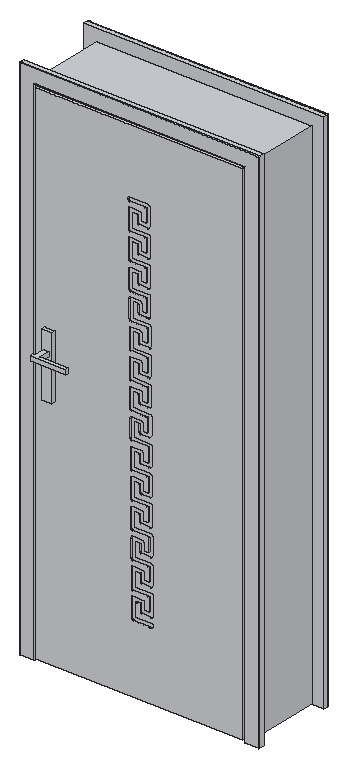
Revit family "PortaFOCUSbp_1E", category Drzwi, Revit 2016
Family settings
  Obiekt nadrzędny = Ściana
  Zawsze pionowo = Tak
  Tnij formami wycięć po wczytaniu = Nie
  Współdzielony = Nie
  Punkt obliczania pomieszczeń = Nie
Parameters (values of type "PN 80")
  Zakres szerokości muru [instance] = if(and(Szerokość ściany > 94 mm, Szerokość ściany < 120 mm), "B", (if(and(Szerokość ściany > 119 mm, Szerokość ściany < 140 mm), "C", (if(and(Szerokość ściany > 139 mm, Szerokość ściany < 160 mm), "D", (if(and(Szerokość ściany > 159 mm, Szerokość ściany < 180 mm), "E", (if(and(Szerokość ściany > 179 mm, Szerokość ściany < 200 mm), "F", (if(and(Szerokość ściany > 199 mm, Szerokość ściany < 220 mm), "G", (if(and(Szerokość ściany > 219 mm, Szerokość ściany < 240 mm), "H", (if(and(Szerokość ściany > 239 mm, Szerokość ściany < 260 mm), "I", (if(and(Szerokość ściany > 259 mm, Szerokość ściany < 280 mm), "J", (if(and(Szerokość ściany > 279 mm, Szerokość ściany < 301 mm), "K", "BRAK")))))))))))))))))))  # "K"
  Wysokość brutto = 2060 mm
  Szerokość ściany [instance] = 300 mm
  Szerokość brutto = 880 mm
  Model = "Porta Focus 1E"
  Konstrukcja analityczna = "<Brak>"
  Funkcja = Wewnętrzna
  URL = "www.porta.com.pl"
  Ss = 818 mm
  Sb = 846 mm
  Producent = "PORTA KMI POLAND"
  Keynote = ""
  Opis = "Własność Porta KMI Poland, wszelkie prawa zastrzeżone."  # constant formula
  Wysokość = 2016 mm
  Zakończenie ściany = Wg obiektu nadrzędnego
  Szerokość = 800 mm
  Materiał_skrzydło [instance] = none
  Materiał_ościeżnica [instance] = none
  Materiał_klamka [instance] = none
  Hs = 2017 mm
Types (5, lengths in mm): name | Szerokość brutto | Ss | Sb | Szerokość
  PN 70 | 780 | 718 | 746 | 700
  PN 60 | 680 | 618 | 646 | 600
  PN 80 | 880 | 818 | 846 | 800
  PN 90 | 980 | 918 | 946 | 900
  PN 100 | 1080 | 1018 | 1046 | 1000
Reference planes
  plane 1: y = 0
  plane 2 "Środek (Lewa/Prawa)": x = 0
  plane 3 "Lewy": x = -440
  plane 4 "Prawy": x = 440
  plane 5: z = 2060
  plane 6 "Zewnętrzna": y = 150
  plane 7 "Wewnętrzna": y = -150
  plane 8 "skrzydło": y = -129
Forms (mm)
  Sweep 1, solid, material <- "Materiał_ościeżnica"
    path in 3D
      loop
        line (-440, -150, 0) -> (-440, -150, 2060) -> (440, -150, 2060) -> (440, -150, 0)
    profile origin (-440, -150, 1030) x (0, -1, 0) y (1, 0, 0)
      loop
        line (-24, 39) -> (-72, 39) -> (-72, 17) -> (0, 17) -> (0, -33) -> (16, -33)
        arc (16, -33) -> (18.121, -32.121) -> (19, -30) r 3
        line (19, -30) -> (19, 24)
        arc (19, 24) -> (18.121, 26.121) -> (16, 27) r 3
        line (16, 27) -> (-24, 27) -> (-24, 39)
  Sweep 2, solid, material <- "Materiał_ościeżnica"
    path in 3D
      loop
        line (440, 150, 0) -> (440, 150, 2060) -> (-440, 150, 2060) -> (-440, 150, 0)
    profile origin (-440, 150, 1030) x (1, 0, 0) y (0, 1, 0)
      loop
        line (-33, 0) -> (17, 0) -> (17, -228) -> (39, -228) -> (39, -1)
        arc (39, -1) -> (37.536, 2.536) -> (34, 4) r 5
        line (34, 4) -> (25, 4) -> (25, 16)
        arc (25, 16) -> (24.121, 18.121) -> (22, 19) r 3
        line (22, 19) -> (-30, 19)
        arc (-30, 19) -> (-32.121, 18.121) -> (-33, 16) r 3
        line (-33, 16) -> (-33, 0)
  Sweep 3, solid, not visible
    path in 3D
      loop
        line (-440, -150, 0) -> (-440, -150, 2060)
    profile origin (-440, -150, 1030) x (0, -1, 0) y (1, 0, 0)
      loop
        line (-151, 17) -> (-149, 17) -> (-149, 19) -> (-151, 19) -> (-151, 17)
Cuts and joins
  joined: Sweep 1, Sweep 2
Lines and regions (mm)
  Opening 1
    outline origin (-3050, -150, 0) x (1, 0, 0) y (0, 0, 1)
      loop
        line (2610, 0) -> (3490, 0) -> (3490, 2060) -> (2610, 2060) -> (2610, 0)
  sketch lines
    curve 1: line (-440, -150, 0) -> (-440, -150, 2060)
    curve 2: line (-440, -150, 2060) -> (440, -150, 2060)
    curve 3: line (440, -150, 2060) -> (440, -150, 0)
    curve 4: line (-440, 150, 2060) -> (-440, 150, 0)
    curve 5: line (440, 150, 2060) -> (-440, 150, 2060)
    curve 6: line (440, 150, 0) -> (440, 150, 2060)
    curve 12: line (-440, -150, 0) -> (-440, -150, 2060)
  symbolic lines, style "DoorsPanelProjection"
    curve 7: line (409, -150, 0) -> (409, -968, 0)
    curve 8: line (409, -968, 0) -> (369, -968, 0)
    curve 9: line (369, -968, 0) -> (369, -150, 0)
    curve 10: line (369, -150, 0) -> (409, -150, 0)
  symbolic lines, style "Ugięcie rzutu"
    curve 11: arc (-409, -150, 0) -> (-169.413, -728.413, 0) -> (409, -968, 0) r 818
Text (mm)
  text "Zewnętrzna" at (-2295.016, 1099.543, 0), in view "Poziom odniesienia"
  text "Zewnętrzna" at (0, 1615.38, 3698.081), in view "Lewy"
  text "Zewnętrzna" at (0, 1036.032, 3874.932), in view "Prawy"
Dimensions and locks
  equal spacing: plane 3 "Lewy", plane 2 "Środek (Lewa/Prawa)", plane 4 "Prawy"
  "Szerokość brutto": plane 3 "Lewy" to plane 4 "Prawy"
  "Wysokość brutto": plane 5 to host wall
  host wall to plane 5 = 2060 mm  (x2)
  locked: plane 6 "Zewnętrzna" to host wall at 0
  locked: plane 7 "Wewnętrzna" to host wall
  "Sb": Sweep 1 to Sweep 1
  locked: Sweep 1 sketch curve to Sweep 1 sketch curve at 22
  Sweep 1 sketch curve to Sweep 1 sketch curve = 50 mm
  locked: Sweep 1 sketch curve to profile plane at 72
  locked: Sweep 2 sketch curve to Sweep 2 sketch curve at 50
  locked: Sweep 2 sketch curve to Sweep 2 sketch curve at 22
  locked: Sweep 2 sketch curve to plane 6 "Zewnętrzna" at 1
  locked: curve 9 to curve 7 at 40
  "Ss": curve 8 to curve 10
  equal spacing: curve 11, plane 2 "Środek (Lewa/Prawa)", curve 7
  locked: plane 7 "Wewnętrzna" to plane 8 "skrzydło" at 21
  locked: host wall to Sweep 3 sketch curve at 1
  locked: Sweep 3 sketch curve to host wall at 1
  locked: Sweep 3 sketch curve to plane 6 "Zewnętrzna" at 151
  locked: plane 7 "Wewnętrzna" to Sweep 3 sketch curve at 151
  nested 1 to plane 2 "Środek (Lewa/Prawa)" to nested 1 = 409 mm, 409 mm
  locked: nested 1 to level at 8
  "Szerokość ściany": host wall to host wall
  aligned and locked: plane 3 "Lewy" to Opening 1 sketch curve
  aligned and locked: plane 5 to Opening 1 sketch curve  (x2)
  aligned and locked: Opening 1 sketch curve to plane 4 "Prawy"
  aligned and locked: Opening 1 sketch curve to level
  aligned and locked: plane 1 to host wall
  aligned and locked: Sweep 1 to Sweep 2 sketch curve
  aligned and locked: plane 7 "Wewnętrzna" to curve 10
  aligned and locked: Sweep 3 sketch curve to cut or joined group of Sweep 1, Sweep 2
  aligned and locked: Sweep 2 sketch curve to cut or joined group of Sweep 1, Sweep 2
  aligned and locked: nested 1 to plane 8 "skrzydło"
  aligned and locked: plane 2 "Środek (Lewa/Prawa)" to nested 1
Automatic sketch dimensions
  profile plane to Sweep 1 sketch curve = 24 mm
  Sweep 1 sketch curve to profile plane = 16 mm  (x2)
  Sweep 1 sketch curve to Sweep 1 sketch curve = 3 mm
  profile plane to Sweep 1 sketch curve = 17 mm
  Sweep 1 sketch curve to Sweep 1 sketch curve = 7 mm
  Sweep 1 sketch curve to profile plane = 0 mm
  Sweep 2 sketch curve to profile plane = 0 mm
  Sweep 2 sketch curve to profile plane = 16 mm
  Sweep 2 sketch curve to Sweep 2 sketch curve = 3 mm
  Sweep 2 sketch curve to Sweep 2 sketch curve = 5 mm
  Sweep 2 sketch curve to profile plane = 4 mm
  Sweep 2 sketch curve to Sweep 2 sketch curve = 8 mm
  curve 11 to host wall = 0 mm
  Sweep 3 sketch curve to Sweep 3 sketch curve = 2 mm
Nested families
  nested 1: "skrzydło" at (0, -135.5, 0), Materiał_klamka <- "Materiał_klamka", Materiał_skrzydło <- "Materiał_skrzydło", type "skrzydło"
    with Materiał_skrzydło none, Materiał_klamka none
Definition of nested family "skrzydło"
  Parameters
    Ss = 818 mm
    Materiał_skrzydło [instance] = none
    Materiał_klamka [instance] = none
    Hs = 2017 mm
  Reference planes
    plane 1 "Tył": y = 6.5
    plane 2: z = 0
    plane 3 "Środek (Lewa/Prawa)": x = 0
    plane 4 "Przód": y = -33.5
    plane 5: z = 2025
    plane 6 "Centrum": y = -13.5
    plane 7: z = 8
    plane 8: x = -409
    plane 9: x = 409
  Forms (mm)
    Extrusion 1, solid, material <- "Materiał_skrzydło"
      sketch origin (-1191.728, -1524, 8) x (-1, 0, 0) y (0, -1, 0)
        loop
          line (-1600.728, -1490.5) -> (-1600.728, -1530.5) -> (-782.728, -1530.5) -> (-782.728, -1490.5) -> (-1600.728, -1490.5)
      from 0 to 2017
    Extrusion 2, void
      sketch origin (-2050.117, -33.5, 1200) x (1, 0, 0) y (0, 0, 1)
        loop
          arc (2014.002, 569.715) -> (2005.702, 561.415) -> (2014.002, 553.115) r 8.3
          line (2014.002, 553.115) -> (2076.933, 553.115) -> (2076.933, 499.485) -> (2058.417, 499.485) -> (2058.417, 526.3)
          arc (2058.417, 526.3) -> (2055.986, 532.169) -> (2050.117, 534.6) r 8.3
          line (2050.117, 534.6) -> (2015.002, 534.6)
          arc (2015.002, 534.6) -> (2009.133, 532.169) -> (2006.702, 526.3) r 8.3
          line (2006.702, 526.3) -> (2006.702, 456.07)
          arc (2006.702, 456.07) -> (2009.133, 450.201) -> (2015.002, 447.77) r 8.3
          line (2015.002, 447.77) -> (2077.932, 447.77) -> (2077.932, 394.139) -> (2059.417, 394.139) -> (2059.417, 420.954)
          arc (2059.417, 420.954) -> (2056.986, 426.823) -> (2051.117, 429.254) r 8.3
          line (2051.117, 429.254) -> (2016.002, 429.254)
          arc (2016.002, 429.254) -> (2010.133, 426.823) -> (2007.702, 420.954) r 8.3
          line (2007.702, 420.954) -> (2007.702, 350.724)
          arc (2007.702, 350.724) -> (2010.133, 344.855) -> (2016.002, 342.424) r 8.3
          line (2016.002, 342.424) -> (2078.932, 342.424) -> (2078.932, 288.793) -> (2060.416, 288.793) -> (2060.416, 315.608)
          arc (2060.416, 315.608) -> (2057.985, 321.477) -> (2052.116, 323.908) r 8.3
          line (2052.116, 323.908) -> (2017.002, 323.908)
          arc (2017.002, 323.908) -> (2011.133, 321.477) -> (2008.702, 315.608) r 8.3
          line (2008.702, 315.608) -> (2008.702, 245.378)
          arc (2008.702, 245.378) -> (2011.133, 239.509) -> (2017.002, 237.078) r 8.3
          line (2017.002, 237.078) -> (2079.932, 237.078) -> (2079.932, 183.448) -> (2061.416, 183.448) -> (2061.416, 210.263)
          arc (2061.416, 210.263) -> (2058.985, 216.132) -> (2053.116, 218.563) r 8.3
          line (2053.116, 218.563) -> (2018.001, 218.563)
          arc (2018.001, 218.563) -> (2012.133, 216.132) -> (2009.701, 210.263) r 8.3
          line (2009.701, 210.263) -> (2009.701, 140.033)
          arc (2009.701, 140.033) -> (2012.133, 134.164) -> (2018.001, 131.733) r 8.3
          line (2018.001, 131.733) -> (2080.932, 131.733) -> (2080.932, 78.102) -> (2062.416, 78.102) -> (2062.416, 104.917)
          arc (2062.416, 104.917) -> (2059.985, 110.786) -> (2054.116, 113.217) r 8.3
          line (2054.116, 113.217) -> (2019.001, 113.217)
          arc (2019.001, 113.217) -> (2013.132, 110.786) -> (2010.701, 104.917) r 8.3
          line (2010.701, 104.917) -> (2010.701, 34.687)
          arc (2010.701, 34.687) -> (2013.132, 28.818) -> (2019.001, 26.387) r 8.3
          line (2019.001, 26.387) -> (2081.931, 26.387) -> (2081.931, -27.244) -> (2063.416, -27.244) -> (2063.416, -0.429)
          arc (2063.416, -0.429) -> (2060.985, 5.44) -> (2055.116, 7.871) r 8.3
          line (2055.116, 7.871) -> (2020.001, 7.871)
          arc (2020.001, 7.871) -> (2014.132, 5.44) -> (2011.701, -0.429) r 8.3
          line (2011.701, -0.429) -> (2011.701, -70.659)
          arc (2011.701, -70.659) -> (2014.132, -76.528) -> (2020.001, -78.959) r 8.3
          line (2020.001, -78.959) -> (2082.931, -78.959) -> (2082.931, -132.59) -> (2064.416, -132.59) -> (2064.416, -105.774)
          arc (2064.416, -105.774) -> (2061.985, -99.905) -> (2056.116, -97.474) r 8.3
          line (2056.116, -97.474) -> (2021.001, -97.474)
          arc (2021.001, -97.474) -> (2015.132, -99.905) -> (2012.701, -105.774) r 8.3
          line (2012.701, -105.774) -> (2012.701, -176.004)
          arc (2012.701, -176.004) -> (2015.132, -181.873) -> (2021.001, -184.304) r 8.3
          line (2021.001, -184.304) -> (2083.931, -184.304) -> (2083.931, -237.935) -> (2065.415, -237.935) -> (2065.415, -211.12)
          arc (2065.415, -211.12) -> (2062.984, -205.251) -> (2057.115, -202.82) r 8.3
          line (2057.115, -202.82) -> (2022.001, -202.82)
          arc (2022.001, -202.82) -> (2016.132, -205.251) -> (2013.701, -211.12) r 8.3
          line (2013.701, -211.12) -> (2013.701, -281.35)
          arc (2013.701, -281.35) -> (2016.132, -287.219) -> (2022.001, -289.65) r 8.3
          line (2022.001, -289.65) -> (2084.931, -289.65) -> (2084.931, -343.281) -> (2066.415, -343.281) -> (2066.415, -316.466)
          arc (2066.415, -316.466) -> (2063.984, -310.597) -> (2058.115, -308.166) r 8.3
          line (2058.115, -308.166) -> (2023, -308.166)
          arc (2023, -308.166) -> (2017.131, -310.597) -> (2014.7, -316.466) r 8.3
          line (2014.7, -316.466) -> (2014.7, -386.696)
          arc (2014.7, -386.696) -> (2017.131, -392.565) -> (2023, -394.996) r 8.3
          line (2023, -394.996) -> (2085.931, -394.996) -> (2085.931, -448.627) -> (2067.415, -448.627) -> (2067.415, -421.811)
          arc (2067.415, -421.811) -> (2064.984, -415.942) -> (2059.115, -413.511) r 8.3
          line (2059.115, -413.511) -> (2024, -413.511)
          arc (2024, -413.511) -> (2018.131, -415.942) -> (2015.7, -421.811) r 8.3
          line (2015.7, -421.811) -> (2015.7, -492.041)
          arc (2015.7, -492.041) -> (2018.131, -497.91) -> (2024, -500.341) r 8.3
          line (2024, -500.341) -> (2086.93, -500.341) -> (2086.93, -553.972) -> (2068.415, -553.972) -> (2068.415, -527.157)
          arc (2068.415, -527.157) -> (2065.984, -521.288) -> (2060.115, -518.857) r 8.3
          line (2060.115, -518.857) -> (2025, -518.857)
          arc (2025, -518.857) -> (2019.131, -521.288) -> (2016.7, -527.157) r 8.3
          line (2016.7, -527.157) -> (2016.7, -597.387)
          arc (2016.7, -597.387) -> (2019.131, -603.256) -> (2025, -605.687) r 8.3
          line (2025, -605.687) -> (2087.93, -605.687) -> (2087.93, -659.318) -> (2069.414, -659.318) -> (2069.414, -632.503)
          arc (2069.414, -632.503) -> (2066.983, -626.634) -> (2061.114, -624.203) r 8.3
          line (2061.114, -624.203) -> (2026, -624.203)
          arc (2026, -624.203) -> (2020.131, -626.634) -> (2017.7, -632.503) r 8.3
          line (2017.7, -632.503) -> (2017.7, -702.733)
          arc (2017.7, -702.733) -> (2020.131, -708.602) -> (2026, -711.033) r 8.3
          line (2026, -711.033) -> (2088.93, -711.033) -> (2088.93, -764.664) -> (2070.414, -764.664) -> (2070.414, -737.848)
          arc (2070.414, -737.848) -> (2067.983, -731.979) -> (2062.114, -729.548) r 8.3
          line (2062.114, -729.548) -> (2026.999, -729.548)
          arc (2026.999, -729.548) -> (2021.13, -731.979) -> (2018.699, -737.848) r 8.3
          line (2018.699, -737.848) -> (2018.699, -808.078)
          arc (2018.699, -808.078) -> (2021.13, -813.947) -> (2026.999, -816.378) r 8.3
          line (2026.999, -816.378) -> (2089.93, -816.378) -> (2089.93, -870.009) -> (2071.414, -870.009) -> (2071.414, -843.194)
          arc (2071.414, -843.194) -> (2068.983, -837.325) -> (2063.114, -834.894) r 8.3
          line (2063.114, -834.894) -> (2027.999, -834.894)
          arc (2027.999, -834.894) -> (2022.13, -837.325) -> (2019.699, -843.194) r 8.3
          line (2019.699, -843.194) -> (2019.699, -913.424)
          arc (2019.699, -913.424) -> (2022.13, -919.293) -> (2027.999, -921.724) r 8.3
          line (2027.999, -921.724) -> (2098.229, -921.724)
          arc (2098.229, -921.724) -> (2106.529, -913.424) -> (2098.229, -905.124) r 8.3
          line (2098.229, -905.124) -> (2036.299, -905.125) -> (2036.299, -851.494) -> (2054.814, -851.494) -> (2054.814, -878.309)
          arc (2054.814, -878.309) -> (2057.245, -884.178) -> (2063.114, -886.609) r 8.3
          line (2063.114, -886.609) -> (2098.229, -886.609)
          arc (2098.229, -886.609) -> (2104.098, -884.178) -> (2106.529, -878.309) r 8.3
          line (2106.529, -878.309) -> (2106.529, -808.079)
          arc (2106.529, -808.079) -> (2104.098, -802.21) -> (2098.229, -799.779) r 8.3
          line (2098.229, -799.779) -> (2035.299, -799.779) -> (2035.299, -746.148) -> (2053.815, -746.148) -> (2053.815, -772.963)
          arc (2053.815, -772.963) -> (2056.246, -778.832) -> (2062.115, -781.263) r 8.3
          line (2062.115, -781.263) -> (2097.229, -781.263)
          arc (2097.229, -781.263) -> (2103.098, -778.832) -> (2105.529, -772.963) r 8.3
          line (2105.529, -772.963) -> (2105.529, -702.733)
          arc (2105.529, -702.733) -> (2103.098, -696.864) -> (2097.229, -694.433) r 8.3
          line (2097.229, -694.433) -> (2034.299, -694.433) -> (2034.299, -640.802) -> (2052.815, -640.802) -> (2052.815, -667.617)
          arc (2052.815, -667.617) -> (2055.246, -673.486) -> (2061.115, -675.917) r 8.3
          line (2061.115, -675.917) -> (2096.23, -675.917)
          arc (2096.23, -675.917) -> (2102.099, -673.486) -> (2104.53, -667.617) r 8.3
          line (2104.53, -667.617) -> (2104.53, -597.387)
          arc (2104.53, -597.387) -> (2102.099, -591.518) -> (2096.23, -589.087) r 8.3
          line (2096.23, -589.087) -> (2033.299, -589.087) -> (2033.299, -535.457) -> (2051.815, -535.457) -> (2051.815, -562.272)
          arc (2051.815, -562.272) -> (2054.246, -568.141) -> (2060.115, -570.572) r 8.3
          line (2060.115, -570.572) -> (2095.23, -570.572)
          arc (2095.23, -570.572) -> (2101.099, -568.141) -> (2103.53, -562.272) r 8.3
          line (2103.53, -562.272) -> (2103.53, -492.042)
          arc (2103.53, -492.042) -> (2101.099, -486.173) -> (2095.23, -483.742) r 8.3
          line (2095.23, -483.742) -> (2032.3, -483.742) -> (2032.3, -430.111) -> (2050.815, -430.111) -> (2050.815, -456.926)
          arc (2050.815, -456.926) -> (2053.246, -462.795) -> (2059.115, -465.226) r 8.3
          line (2059.115, -465.226) -> (2094.23, -465.226)
          arc (2094.23, -465.226) -> (2100.099, -462.795) -> (2102.53, -456.926) r 8.3
          line (2102.53, -456.926) -> (2102.53, -386.696)
          arc (2102.53, -386.696) -> (2100.099, -380.827) -> (2094.23, -378.396) r 8.3
          line (2094.23, -378.396) -> (2031.3, -378.396) -> (2031.3, -324.765) -> (2049.816, -324.765) -> (2049.816, -351.58)
          arc (2049.816, -351.58) -> (2052.247, -357.449) -> (2058.116, -359.88) r 8.3
          line (2058.116, -359.88) -> (2093.23, -359.88)
          arc (2093.23, -359.88) -> (2099.099, -357.449) -> (2101.53, -351.58) r 8.3
          line (2101.53, -351.58) -> (2101.53, -281.35)
          arc (2101.53, -281.35) -> (2099.099, -275.481) -> (2093.23, -273.05) r 8.3
          line (2093.23, -273.05) -> (2030.3, -273.05) -> (2030.3, -219.42) -> (2048.816, -219.42) -> (2048.816, -246.235)
          arc (2048.816, -246.235) -> (2051.247, -252.104) -> (2057.116, -254.535) r 8.3
          line (2057.116, -254.535) -> (2092.231, -254.535)
          arc (2092.231, -254.535) -> (2098.1, -252.104) -> (2100.531, -246.235) r 8.3
          line (2100.531, -246.235) -> (2100.531, -176.005)
          arc (2100.531, -176.005) -> (2098.1, -170.136) -> (2092.231, -167.705) r 8.3
          line (2092.231, -167.705) -> (2029.3, -167.705) -> (2029.3, -114.074) -> (2047.816, -114.074) -> (2047.816, -140.889)
          arc (2047.816, -140.889) -> (2050.247, -146.758) -> (2056.116, -149.189) r 8.3
          line (2056.116, -149.189) -> (2091.231, -149.189)
          arc (2091.231, -149.189) -> (2097.1, -146.758) -> (2099.531, -140.889) r 8.3
          line (2099.531, -140.889) -> (2099.531, -70.659)
          arc (2099.531, -70.659) -> (2097.1, -64.79) -> (2091.231, -62.359) r 8.3
          line (2091.231, -62.359) -> (2028.301, -62.359) -> (2028.301, -8.728) -> (2046.816, -8.728) -> (2046.816, -35.543)
          arc (2046.816, -35.543) -> (2049.247, -41.412) -> (2055.116, -43.843) r 8.3
          line (2055.116, -43.843) -> (2090.231, -43.843)
          arc (2090.231, -43.843) -> (2096.1, -41.412) -> (2098.531, -35.543) r 8.3
          line (2098.531, -35.543) -> (2098.531, 34.687)
          arc (2098.531, 34.687) -> (2096.1, 40.556) -> (2090.231, 42.987) r 8.3
          line (2090.231, 42.987) -> (2027.301, 42.987) -> (2027.301, 96.618) -> (2045.816, 96.618) -> (2045.816, 69.802)
          arc (2045.816, 69.802) -> (2048.248, 63.933) -> (2054.116, 61.502) r 8.3
          line (2054.116, 61.502) -> (2089.231, 61.502)
          arc (2089.231, 61.502) -> (2095.1, 63.933) -> (2097.531, 69.802) r 8.3
          line (2097.531, 69.802) -> (2097.531, 140.032)
          arc (2097.531, 140.032) -> (2095.1, 145.901) -> (2089.231, 148.332) r 8.3
          line (2089.231, 148.332) -> (2026.301, 148.332) -> (2026.301, 201.963) -> (2044.817, 201.963) -> (2044.817, 175.148)
          arc (2044.817, 175.148) -> (2047.248, 169.279) -> (2053.117, 166.848) r 8.3
          line (2053.117, 166.848) -> (2088.231, 166.848)
          arc (2088.231, 166.848) -> (2094.1, 169.279) -> (2096.531, 175.148) r 8.3
          line (2096.531, 175.148) -> (2096.531, 245.378)
          arc (2096.531, 245.378) -> (2094.1, 251.247) -> (2088.231, 253.678) r 8.3
          line (2088.231, 253.678) -> (2025.301, 253.678) -> (2025.301, 307.309) -> (2043.817, 307.309) -> (2043.817, 280.494)
          arc (2043.817, 280.494) -> (2046.248, 274.625) -> (2052.117, 272.194) r 8.3
          line (2052.117, 272.194) -> (2087.232, 272.194)
          arc (2087.232, 272.194) -> (2093.101, 274.625) -> (2095.532, 280.494) r 8.3
          line (2095.532, 280.494) -> (2095.532, 350.724)
          arc (2095.532, 350.724) -> (2093.101, 356.593) -> (2087.232, 359.024) r 8.3
          line (2087.232, 359.024) -> (2024.301, 359.024) -> (2024.301, 412.655) -> (2042.817, 412.655) -> (2042.817, 385.839)
          arc (2042.817, 385.839) -> (2045.248, 379.97) -> (2051.117, 377.539) r 8.3
          line (2051.117, 377.539) -> (2086.232, 377.539)
          arc (2086.232, 377.539) -> (2092.101, 379.97) -> (2094.532, 385.839) r 8.3
          line (2094.532, 385.839) -> (2094.532, 456.069)
          arc (2094.532, 456.069) -> (2092.101, 461.938) -> (2086.232, 464.369) r 8.3
          line (2086.232, 464.369) -> (2023.302, 464.369) -> (2023.302, 518) -> (2041.817, 518) -> (2041.817, 491.185)
          arc (2041.817, 491.185) -> (2044.248, 485.316) -> (2050.117, 482.885) r 8.3
          line (2050.117, 482.885) -> (2085.232, 482.885)
          arc (2085.232, 482.885) -> (2091.101, 485.316) -> (2093.532, 491.185) r 8.3
          line (2093.532, 491.185) -> (2093.532, 561.415)
          arc (2093.532, 561.415) -> (2091.101, 567.284) -> (2085.232, 569.715) r 8.3
          line (2085.232, 569.715) -> (2014.002, 569.715)
      from -1 to 10
    Extrusion 3, void
      sketch origin (-2050.117, 6.5, 1200) x (1, 0, 0) y (0, 0, -1)
        loop
          line (2014.002, -569.715) -> (2085.232, -569.715)
          arc (2085.232, -569.715) -> (2091.101, -567.284) -> (2093.532, -561.415) r 8.3
          line (2093.532, -561.415) -> (2093.532, -491.185)
          arc (2093.532, -491.185) -> (2091.101, -485.316) -> (2085.232, -482.885) r 8.3
          line (2085.232, -482.885) -> (2050.117, -482.885)
          arc (2050.117, -482.885) -> (2044.248, -485.316) -> (2041.817, -491.185) r 8.3
          line (2041.817, -491.185) -> (2041.817, -518) -> (2023.302, -518) -> (2023.302, -464.369) -> (2086.232, -464.369)
          arc (2086.232, -464.369) -> (2092.101, -461.938) -> (2094.532, -456.069) r 8.3
          line (2094.532, -456.069) -> (2094.532, -385.839)
          arc (2094.532, -385.839) -> (2092.101, -379.97) -> (2086.232, -377.539) r 8.3
          line (2086.232, -377.539) -> (2051.117, -377.539)
          arc (2051.117, -377.539) -> (2045.248, -379.97) -> (2042.817, -385.839) r 8.3
          line (2042.817, -385.839) -> (2042.817, -412.655) -> (2024.301, -412.655) -> (2024.301, -359.024) -> (2087.232, -359.024)
          arc (2087.232, -359.024) -> (2093.101, -356.593) -> (2095.532, -350.724) r 8.3
          line (2095.532, -350.724) -> (2095.532, -280.494)
          arc (2095.532, -280.494) -> (2093.101, -274.625) -> (2087.232, -272.194) r 8.3
          line (2087.232, -272.194) -> (2052.117, -272.194)
          arc (2052.117, -272.194) -> (2046.248, -274.625) -> (2043.817, -280.494) r 8.3
          line (2043.817, -280.494) -> (2043.817, -307.309) -> (2025.301, -307.309) -> (2025.301, -253.678) -> (2088.231, -253.678)
          arc (2088.231, -253.678) -> (2094.1, -251.247) -> (2096.531, -245.378) r 8.3
          line (2096.531, -245.378) -> (2096.531, -175.148)
          arc (2096.531, -175.148) -> (2094.1, -169.279) -> (2088.231, -166.848) r 8.3
          line (2088.231, -166.848) -> (2053.117, -166.848)
          arc (2053.117, -166.848) -> (2047.248, -169.279) -> (2044.817, -175.148) r 8.3
          line (2044.817, -175.148) -> (2044.817, -201.963) -> (2026.301, -201.963) -> (2026.301, -148.332) -> (2089.231, -148.332)
          arc (2089.231, -148.332) -> (2095.1, -145.901) -> (2097.531, -140.032) r 8.3
          line (2097.531, -140.032) -> (2097.531, -69.802)
          arc (2097.531, -69.802) -> (2095.1, -63.933) -> (2089.231, -61.502) r 8.3
          line (2089.231, -61.502) -> (2054.116, -61.502)
          arc (2054.116, -61.502) -> (2048.248, -63.933) -> (2045.816, -69.802) r 8.3
          line (2045.816, -69.802) -> (2045.816, -96.618) -> (2027.301, -96.618) -> (2027.301, -42.987) -> (2090.231, -42.987)
          arc (2090.231, -42.987) -> (2096.1, -40.556) -> (2098.531, -34.687) r 8.3
          line (2098.531, -34.687) -> (2098.531, 35.543)
          arc (2098.531, 35.543) -> (2096.1, 41.412) -> (2090.231, 43.843) r 8.3
          line (2090.231, 43.843) -> (2055.116, 43.843)
          arc (2055.116, 43.843) -> (2049.247, 41.412) -> (2046.816, 35.543) r 8.3
          line (2046.816, 35.543) -> (2046.816, 8.728) -> (2028.301, 8.728) -> (2028.301, 62.359) -> (2091.231, 62.359)
          arc (2091.231, 62.359) -> (2097.1, 64.79) -> (2099.531, 70.659) r 8.3
          line (2099.531, 70.659) -> (2099.531, 140.889)
          arc (2099.531, 140.889) -> (2097.1, 146.758) -> (2091.231, 149.189) r 8.3
          line (2091.231, 149.189) -> (2056.116, 149.189)
          arc (2056.116, 149.189) -> (2050.247, 146.758) -> (2047.816, 140.889) r 8.3
          line (2047.816, 140.889) -> (2047.816, 114.074) -> (2029.3, 114.074) -> (2029.3, 167.705) -> (2092.231, 167.705)
          arc (2092.231, 167.705) -> (2098.1, 170.136) -> (2100.531, 176.005) r 8.3
          line (2100.531, 176.005) -> (2100.531, 246.235)
          arc (2100.531, 246.235) -> (2098.1, 252.104) -> (2092.231, 254.535) r 8.3
          line (2092.231, 254.535) -> (2057.116, 254.535)
          arc (2057.116, 254.535) -> (2051.247, 252.104) -> (2048.816, 246.235) r 8.3
          line (2048.816, 246.235) -> (2048.816, 219.42) -> (2030.3, 219.42) -> (2030.3, 273.05) -> (2093.23, 273.05)
          arc (2093.23, 273.05) -> (2099.099, 275.481) -> (2101.53, 281.35) r 8.3
          line (2101.53, 281.35) -> (2101.53, 351.58)
          arc (2101.53, 351.58) -> (2099.099, 357.449) -> (2093.23, 359.88) r 8.3
          line (2093.23, 359.88) -> (2058.116, 359.88)
          arc (2058.116, 359.88) -> (2052.247, 357.449) -> (2049.816, 351.58) r 8.3
          line (2049.816, 351.58) -> (2049.816, 324.765) -> (2031.3, 324.765) -> (2031.3, 378.396) -> (2094.23, 378.396)
          arc (2094.23, 378.396) -> (2100.099, 380.827) -> (2102.53, 386.696) r 8.3
          line (2102.53, 386.696) -> (2102.53, 456.926)
          arc (2102.53, 456.926) -> (2100.099, 462.795) -> (2094.23, 465.226) r 8.3
          line (2094.23, 465.226) -> (2059.115, 465.226)
          arc (2059.115, 465.226) -> (2053.246, 462.795) -> (2050.815, 456.926) r 8.3
          line (2050.815, 456.926) -> (2050.815, 430.111) -> (2032.3, 430.111) -> (2032.3, 483.742) -> (2095.23, 483.742)
          arc (2095.23, 483.742) -> (2101.099, 486.173) -> (2103.53, 492.042) r 8.3
          line (2103.53, 492.042) -> (2103.53, 562.272)
          arc (2103.53, 562.272) -> (2101.099, 568.141) -> (2095.23, 570.572) r 8.3
          line (2095.23, 570.572) -> (2060.115, 570.572)
          arc (2060.115, 570.572) -> (2054.246, 568.141) -> (2051.815, 562.272) r 8.3
          line (2051.815, 562.272) -> (2051.815, 535.457) -> (2033.299, 535.457) -> (2033.299, 589.087) -> (2096.23, 589.087)
          arc (2096.23, 589.087) -> (2102.099, 591.518) -> (2104.53, 597.387) r 8.3
          line (2104.53, 597.387) -> (2104.53, 667.617)
          arc (2104.53, 667.617) -> (2102.099, 673.486) -> (2096.23, 675.917) r 8.3
          line (2096.23, 675.917) -> (2061.115, 675.917)
          arc (2061.115, 675.917) -> (2055.246, 673.486) -> (2052.815, 667.617) r 8.3
          line (2052.815, 667.617) -> (2052.815, 640.802) -> (2034.299, 640.802) -> (2034.299, 694.433) -> (2097.229, 694.433)
          arc (2097.229, 694.433) -> (2103.098, 696.864) -> (2105.529, 702.733) r 8.3
          line (2105.529, 702.733) -> (2105.529, 772.963)
          arc (2105.529, 772.963) -> (2103.098, 778.832) -> (2097.229, 781.263) r 8.3
          line (2097.229, 781.263) -> (2062.115, 781.263)
          arc (2062.115, 781.263) -> (2056.246, 778.832) -> (2053.815, 772.963) r 8.3
          line (2053.815, 772.963) -> (2053.815, 746.148) -> (2035.299, 746.148) -> (2035.299, 799.779) -> (2098.229, 799.779)
          arc (2098.229, 799.779) -> (2104.098, 802.21) -> (2106.529, 808.079) r 8.3
          line (2106.529, 808.079) -> (2106.529, 878.309)
          arc (2106.529, 878.309) -> (2104.098, 884.178) -> (2098.229, 886.609) r 8.3
          line (2098.229, 886.609) -> (2063.114, 886.609)
          arc (2063.114, 886.609) -> (2057.245, 884.178) -> (2054.814, 878.309) r 8.3
          line (2054.814, 878.309) -> (2054.814, 851.494) -> (2036.299, 851.494) -> (2036.299, 905.125) -> (2098.229, 905.124)
          arc (2098.229, 905.124) -> (2106.529, 913.424) -> (2098.229, 921.724) r 8.3
          line (2098.229, 921.724) -> (2027.999, 921.724)
          arc (2027.999, 921.724) -> (2022.13, 919.293) -> (2019.699, 913.424) r 8.3
          line (2019.699, 913.424) -> (2019.699, 843.194)
          arc (2019.699, 843.194) -> (2022.13, 837.325) -> (2027.999, 834.894) r 8.3
          line (2027.999, 834.894) -> (2063.114, 834.894)
          arc (2063.114, 834.894) -> (2068.983, 837.325) -> (2071.414, 843.194) r 8.3
          line (2071.414, 843.194) -> (2071.414, 870.009) -> (2089.93, 870.009) -> (2089.93, 816.378) -> (2026.999, 816.378)
          arc (2026.999, 816.378) -> (2021.13, 813.947) -> (2018.699, 808.078) r 8.3
          line (2018.699, 808.078) -> (2018.699, 737.848)
          arc (2018.699, 737.848) -> (2021.13, 731.979) -> (2026.999, 729.548) r 8.3
          line (2026.999, 729.548) -> (2062.114, 729.548)
          arc (2062.114, 729.548) -> (2067.983, 731.979) -> (2070.414, 737.848) r 8.3
          line (2070.414, 737.848) -> (2070.414, 764.664) -> (2088.93, 764.664) -> (2088.93, 711.033) -> (2026, 711.033)
          arc (2026, 711.033) -> (2020.131, 708.602) -> (2017.7, 702.733) r 8.3
          line (2017.7, 702.733) -> (2017.7, 632.503)
          arc (2017.7, 632.503) -> (2020.131, 626.634) -> (2026, 624.203) r 8.3
          line (2026, 624.203) -> (2061.114, 624.203)
          arc (2061.114, 624.203) -> (2066.983, 626.634) -> (2069.414, 632.503) r 8.3
          line (2069.414, 632.503) -> (2069.414, 659.318) -> (2087.93, 659.318) -> (2087.93, 605.687) -> (2025, 605.687)
          arc (2025, 605.687) -> (2019.131, 603.256) -> (2016.7, 597.387) r 8.3
          line (2016.7, 597.387) -> (2016.7, 527.157)
          arc (2016.7, 527.157) -> (2019.131, 521.288) -> (2025, 518.857) r 8.3
          line (2025, 518.857) -> (2060.115, 518.857)
          arc (2060.115, 518.857) -> (2065.984, 521.288) -> (2068.415, 527.157) r 8.3
          line (2068.415, 527.157) -> (2068.415, 553.972) -> (2086.93, 553.972) -> (2086.93, 500.341) -> (2024, 500.341)
          arc (2024, 500.341) -> (2018.131, 497.91) -> (2015.7, 492.041) r 8.3
          line (2015.7, 492.041) -> (2015.7, 421.811)
          arc (2015.7, 421.811) -> (2018.131, 415.942) -> (2024, 413.511) r 8.3
          line (2024, 413.511) -> (2059.115, 413.511)
          arc (2059.115, 413.511) -> (2064.984, 415.942) -> (2067.415, 421.811) r 8.3
          line (2067.415, 421.811) -> (2067.415, 448.627) -> (2085.931, 448.627) -> (2085.931, 394.996) -> (2023, 394.996)
          arc (2023, 394.996) -> (2017.131, 392.565) -> (2014.7, 386.696) r 8.3
          line (2014.7, 386.696) -> (2014.7, 316.466)
          arc (2014.7, 316.466) -> (2017.131, 310.597) -> (2023, 308.166) r 8.3
          line (2023, 308.166) -> (2058.115, 308.166)
          arc (2058.115, 308.166) -> (2063.984, 310.597) -> (2066.415, 316.466) r 8.3
          line (2066.415, 316.466) -> (2066.415, 343.281) -> (2084.931, 343.281) -> (2084.931, 289.65) -> (2022.001, 289.65)
          arc (2022.001, 289.65) -> (2016.132, 287.219) -> (2013.701, 281.35) r 8.3
          line (2013.701, 281.35) -> (2013.701, 211.12)
          arc (2013.701, 211.12) -> (2016.132, 205.251) -> (2022.001, 202.82) r 8.3
          line (2022.001, 202.82) -> (2057.115, 202.82)
          arc (2057.115, 202.82) -> (2062.984, 205.251) -> (2065.415, 211.12) r 8.3
          line (2065.415, 211.12) -> (2065.415, 237.935) -> (2083.931, 237.935) -> (2083.931, 184.304) -> (2021.001, 184.304)
          arc (2021.001, 184.304) -> (2015.132, 181.873) -> (2012.701, 176.004) r 8.3
          line (2012.701, 176.004) -> (2012.701, 105.774)
          arc (2012.701, 105.774) -> (2015.132, 99.905) -> (2021.001, 97.474) r 8.3
          line (2021.001, 97.474) -> (2056.116, 97.474)
          arc (2056.116, 97.474) -> (2061.985, 99.905) -> (2064.416, 105.774) r 8.3
          line (2064.416, 105.774) -> (2064.416, 132.59) -> (2082.931, 132.59) -> (2082.931, 78.959) -> (2020.001, 78.959)
          arc (2020.001, 78.959) -> (2014.132, 76.528) -> (2011.701, 70.659) r 8.3
          line (2011.701, 70.659) -> (2011.701, 0.429)
          arc (2011.701, 0.429) -> (2014.132, -5.44) -> (2020.001, -7.871) r 8.3
          line (2020.001, -7.871) -> (2055.116, -7.871)
          arc (2055.116, -7.871) -> (2060.985, -5.44) -> (2063.416, 0.429) r 8.3
          line (2063.416, 0.429) -> (2063.416, 27.244) -> (2081.931, 27.244) -> (2081.931, -26.387) -> (2019.001, -26.387)
          arc (2019.001, -26.387) -> (2013.132, -28.818) -> (2010.701, -34.687) r 8.3
          line (2010.701, -34.687) -> (2010.701, -104.917)
          arc (2010.701, -104.917) -> (2013.132, -110.786) -> (2019.001, -113.217) r 8.3
          line (2019.001, -113.217) -> (2054.116, -113.217)
          arc (2054.116, -113.217) -> (2059.985, -110.786) -> (2062.416, -104.917) r 8.3
          line (2062.416, -104.917) -> (2062.416, -78.102) -> (2080.932, -78.102) -> (2080.932, -131.733) -> (2018.001, -131.733)
          arc (2018.001, -131.733) -> (2012.133, -134.164) -> (2009.701, -140.033) r 8.3
          line (2009.701, -140.033) -> (2009.701, -210.263)
          arc (2009.701, -210.263) -> (2012.133, -216.132) -> (2018.001, -218.563) r 8.3
          line (2018.001, -218.563) -> (2053.116, -218.563)
          arc (2053.116, -218.563) -> (2058.985, -216.132) -> (2061.416, -210.263) r 8.3
          line (2061.416, -210.263) -> (2061.416, -183.448) -> (2079.932, -183.448) -> (2079.932, -237.078) -> (2017.002, -237.078)
          arc (2017.002, -237.078) -> (2011.133, -239.509) -> (2008.702, -245.378) r 8.3
          line (2008.702, -245.378) -> (2008.702, -315.608)
          arc (2008.702, -315.608) -> (2011.133, -321.477) -> (2017.002, -323.908) r 8.3
          line (2017.002, -323.908) -> (2052.116, -323.908)
          arc (2052.116, -323.908) -> (2057.985, -321.477) -> (2060.416, -315.608) r 8.3
          line (2060.416, -315.608) -> (2060.416, -288.793) -> (2078.932, -288.793) -> (2078.932, -342.424) -> (2016.002, -342.424)
          arc (2016.002, -342.424) -> (2010.133, -344.855) -> (2007.702, -350.724) r 8.3
          line (2007.702, -350.724) -> (2007.702, -420.954)
          arc (2007.702, -420.954) -> (2010.133, -426.823) -> (2016.002, -429.254) r 8.3
          line (2016.002, -429.254) -> (2051.117, -429.254)
          arc (2051.117, -429.254) -> (2056.986, -426.823) -> (2059.417, -420.954) r 8.3
          line (2059.417, -420.954) -> (2059.417, -394.139) -> (2077.932, -394.139) -> (2077.932, -447.77) -> (2015.002, -447.77)
          arc (2015.002, -447.77) -> (2009.133, -450.201) -> (2006.702, -456.07) r 8.3
          line (2006.702, -456.07) -> (2006.702, -526.3)
          arc (2006.702, -526.3) -> (2009.133, -532.169) -> (2015.002, -534.6) r 8.3
          line (2015.002, -534.6) -> (2050.117, -534.6)
          arc (2050.117, -534.6) -> (2055.986, -532.169) -> (2058.417, -526.3) r 8.3
          line (2058.417, -526.3) -> (2058.417, -499.485) -> (2076.933, -499.485) -> (2076.933, -553.115) -> (2014.002, -553.115)
          arc (2014.002, -553.115) -> (2005.702, -561.415) -> (2014.002, -569.715) r 8.3
      from -1 to 10
  Cuts and joins
    Extrusion 2, Extrusion 3 cuts Extrusion 1
  Dimensions and locks
    locked: plane 7 to level at 8
    "Hs": plane 5 to plane 7
    locked: nested 1 to plane 7 at 934
    locked: plane 7 to nested 2 at 934
    equal spacing: plane 4 "Przód", plane 6 "Centrum", plane 1 "Tył"
    equal spacing: plane 8, plane 3 "Środek (Lewa/Prawa)", plane 9
    "Ss": plane 8 to plane 9
    locked: plane 8 to nested 1 at 55
    locked: plane 8 to nested 2 at 55
    aligned and locked: nested 1 to plane 4 "Przód"
    aligned and locked: plane 5 to Extrusion 1
    aligned and locked: nested 2 to nested 1
    aligned and locked: Extrusion 1 sketch curve to plane 8
    aligned and locked: Extrusion 1 sketch curve to plane 9
  Automatic sketch dimensions
    plane 1 "Tył" to Extrusion 1 sketch curve = 0 mm
    Extrusion 1 sketch curve to plane 4 "Przód" = 0 mm
    Extrusion 2 sketch curve to plane 3 "Środek (Lewa/Prawa)" = 43.415 mm
    Extrusion 2 sketch curve to Extrusion 2 sketch curve = 1 mm  (x15)
    Extrusion 2 sketch curve to plane 3 "Środek (Lewa/Prawa)" = 41.415 mm
    Extrusion 2 sketch curve to plane 3 "Środek (Lewa/Prawa)" = 39.416 mm
    Extrusion 2 sketch curve to Extrusion 2 sketch curve = 7.3 mm
    Extrusion 2 sketch curve to plane 3 "Środek (Lewa/Prawa)" = 35.417 mm
    Extrusion 2 sketch curve to Extrusion 2 sketch curve = 8.3 mm  (x136)
    Extrusion 2 sketch curve to plane 3 "Środek (Lewa/Prawa)" = 34.417 mm
    Extrusion 2 sketch curve to plane 3 "Środek (Lewa/Prawa)" = 33.417 mm
    Extrusion 2 sketch curve to plane 3 "Środek (Lewa/Prawa)" = 32.417 mm
    Extrusion 2 sketch curve to plane 3 "Środek (Lewa/Prawa)" = 31.418 mm
    Extrusion 2 sketch curve to plane 3 "Środek (Lewa/Prawa)" = 30.418 mm
    Extrusion 2 sketch curve to plane 3 "Środek (Lewa/Prawa)" = 8.3 mm
    Extrusion 2 sketch curve to plane 3 "Środek (Lewa/Prawa)" = 7.3 mm
    Extrusion 2 sketch curve to plane 3 "Środek (Lewa/Prawa)" = 6.3 mm
    Extrusion 2 sketch curve to plane 3 "Środek (Lewa/Prawa)" = 5.3 mm
    Extrusion 2 sketch curve to plane 3 "Środek (Lewa/Prawa)" = 4.301 mm
    Extrusion 2 sketch curve to plane 3 "Środek (Lewa/Prawa)" = 3.301 mm
    Extrusion 2 sketch curve to plane 3 "Środek (Lewa/Prawa)" = 2.301 mm
    Extrusion 2 sketch curve to plane 3 "Środek (Lewa/Prawa)" = 1.301 mm
    Extrusion 2 sketch curve to plane 3 "Środek (Lewa/Prawa)" = 0.302 mm
    Extrusion 2 sketch curve to plane 3 "Środek (Lewa/Prawa)" = 0 mm
    plane 3 "Środek (Lewa/Prawa)" to Extrusion 2 sketch curve = 0 mm
    plane 3 "Środek (Lewa/Prawa)" to Extrusion 2 sketch curve = 0.698 mm
    plane 3 "Środek (Lewa/Prawa)" to Extrusion 2 sketch curve = 1 mm  (x2)
    plane 3 "Środek (Lewa/Prawa)" to Extrusion 2 sketch curve = 1.698 mm
    plane 3 "Środek (Lewa/Prawa)" to Extrusion 2 sketch curve = 1.999 mm
    plane 3 "Środek (Lewa/Prawa)" to Extrusion 2 sketch curve = 2 mm
    plane 3 "Środek (Lewa/Prawa)" to Extrusion 2 sketch curve = 2.698 mm
    plane 3 "Środek (Lewa/Prawa)" to Extrusion 2 sketch curve = 2.999 mm
    plane 3 "Środek (Lewa/Prawa)" to Extrusion 2 sketch curve = 3 mm
    plane 3 "Środek (Lewa/Prawa)" to Extrusion 2 sketch curve = 3.698 mm
    plane 3 "Środek (Lewa/Prawa)" to Extrusion 2 sketch curve = 3.999 mm  (x2)
    plane 3 "Środek (Lewa/Prawa)" to Extrusion 2 sketch curve = 4.697 mm
    plane 3 "Środek (Lewa/Prawa)" to Extrusion 2 sketch curve = 4.999 mm  (x2)
    plane 3 "Środek (Lewa/Prawa)" to Extrusion 2 sketch curve = 5.998 mm
    plane 3 "Środek (Lewa/Prawa)" to Extrusion 2 sketch curve = 5.999 mm
    plane 3 "Środek (Lewa/Prawa)" to Extrusion 2 sketch curve = 6.998 mm
    plane 3 "Środek (Lewa/Prawa)" to Extrusion 2 sketch curve = 6.999 mm
    plane 3 "Środek (Lewa/Prawa)" to Extrusion 2 sketch curve = 7.998 mm  (x2)
    plane 3 "Środek (Lewa/Prawa)" to Extrusion 2 sketch curve = 8.3 mm
    plane 3 "Środek (Lewa/Prawa)" to Extrusion 2 sketch curve = 8.998 mm
    plane 3 "Środek (Lewa/Prawa)" to Extrusion 2 sketch curve = 9.998 mm
    plane 3 "Środek (Lewa/Prawa)" to Extrusion 2 sketch curve = 10.299 mm
    plane 3 "Środek (Lewa/Prawa)" to Extrusion 2 sketch curve = 10.997 mm
    plane 3 "Środek (Lewa/Prawa)" to Extrusion 2 sketch curve = 10.998 mm
    plane 3 "Środek (Lewa/Prawa)" to Extrusion 2 sketch curve = 12.997 mm
    Extrusion 2 sketch curve to Extrusion 2 sketch curve = 18.516 mm  (x39)
    plane 3 "Środek (Lewa/Prawa)" to Extrusion 2 sketch curve = 30.815 mm
    Extrusion 2 sketch curve to Extrusion 2 sketch curve = 0 mm  (x2)
    plane 7 to Extrusion 2 sketch curve = 270.276 mm
    Extrusion 2 sketch curve to Extrusion 2 sketch curve = 18.515 mm  (x2)
    Extrusion 2 sketch curve to Extrusion 2 sketch curve = 26.816 mm  (x8)
    Extrusion 2 sketch curve to Extrusion 2 sketch curve = 26.815 mm  (x7)
    Extrusion 3 sketch curve to plane 3 "Środek (Lewa/Prawa)" = 43.415 mm
    Extrusion 3 sketch curve to Extrusion 3 sketch curve = 1 mm  (x16)
    Extrusion 3 sketch curve to plane 3 "Środek (Lewa/Prawa)" = 41.415 mm
    Extrusion 3 sketch curve to plane 3 "Środek (Lewa/Prawa)" = 38.416 mm
    Extrusion 3 sketch curve to Extrusion 3 sketch curve = 7.3 mm
    Extrusion 3 sketch curve to Extrusion 3 sketch curve = 0 mm  (x8)
    Extrusion 3 sketch curve to Extrusion 3 sketch curve = 8.3 mm  (x136)
    Extrusion 3 sketch curve to plane 3 "Środek (Lewa/Prawa)" = 34.417 mm
    Extrusion 3 sketch curve to plane 3 "Środek (Lewa/Prawa)" = 33.417 mm
    Extrusion 3 sketch curve to plane 3 "Środek (Lewa/Prawa)" = 32.417 mm
    Extrusion 3 sketch curve to plane 3 "Środek (Lewa/Prawa)" = 31.418 mm
    Extrusion 3 sketch curve to plane 3 "Środek (Lewa/Prawa)" = 30.418 mm
    Extrusion 3 sketch curve to plane 3 "Środek (Lewa/Prawa)" = 8.3 mm
    Extrusion 3 sketch curve to plane 3 "Środek (Lewa/Prawa)" = 7.3 mm
    Extrusion 3 sketch curve to plane 3 "Środek (Lewa/Prawa)" = 6.3 mm
    Extrusion 3 sketch curve to plane 3 "Środek (Lewa/Prawa)" = 5.3 mm
    Extrusion 3 sketch curve to plane 3 "Środek (Lewa/Prawa)" = 4.301 mm
    Extrusion 3 sketch curve to plane 3 "Środek (Lewa/Prawa)" = 3.301 mm
    Extrusion 3 sketch curve to plane 3 "Środek (Lewa/Prawa)" = 2.301 mm
    Extrusion 3 sketch curve to plane 3 "Środek (Lewa/Prawa)" = 1.301 mm
    Extrusion 3 sketch curve to plane 3 "Środek (Lewa/Prawa)" = 0.302 mm
    Extrusion 3 sketch curve to plane 3 "Środek (Lewa/Prawa)" = 0 mm
    plane 3 "Środek (Lewa/Prawa)" to Extrusion 3 sketch curve = 0 mm
    plane 3 "Środek (Lewa/Prawa)" to Extrusion 3 sketch curve = 0.698 mm
    plane 3 "Środek (Lewa/Prawa)" to Extrusion 3 sketch curve = 1 mm  (x2)
    plane 3 "Środek (Lewa/Prawa)" to Extrusion 3 sketch curve = 1.698 mm
    plane 3 "Środek (Lewa/Prawa)" to Extrusion 3 sketch curve = 1.999 mm
    plane 3 "Środek (Lewa/Prawa)" to Extrusion 3 sketch curve = 2 mm
    plane 3 "Środek (Lewa/Prawa)" to Extrusion 3 sketch curve = 2.698 mm
    plane 3 "Środek (Lewa/Prawa)" to Extrusion 3 sketch curve = 2.999 mm
    plane 3 "Środek (Lewa/Prawa)" to Extrusion 3 sketch curve = 3 mm
    plane 3 "Środek (Lewa/Prawa)" to Extrusion 3 sketch curve = 3.698 mm
    plane 3 "Środek (Lewa/Prawa)" to Extrusion 3 sketch curve = 3.999 mm  (x2)
    plane 3 "Środek (Lewa/Prawa)" to Extrusion 3 sketch curve = 4.697 mm
    plane 3 "Środek (Lewa/Prawa)" to Extrusion 3 sketch curve = 4.999 mm  (x2)
    plane 3 "Środek (Lewa/Prawa)" to Extrusion 3 sketch curve = 5.998 mm
    plane 3 "Środek (Lewa/Prawa)" to Extrusion 3 sketch curve = 5.999 mm
    plane 3 "Środek (Lewa/Prawa)" to Extrusion 3 sketch curve = 6.998 mm
    plane 3 "Środek (Lewa/Prawa)" to Extrusion 3 sketch curve = 6.999 mm
    plane 3 "Środek (Lewa/Prawa)" to Extrusion 3 sketch curve = 7.998 mm  (x2)
    plane 3 "Środek (Lewa/Prawa)" to Extrusion 3 sketch curve = 8.3 mm
    plane 3 "Środek (Lewa/Prawa)" to Extrusion 3 sketch curve = 8.998 mm
    plane 3 "Środek (Lewa/Prawa)" to Extrusion 3 sketch curve = 9.998 mm
    plane 3 "Środek (Lewa/Prawa)" to Extrusion 3 sketch curve = 10.299 mm
    plane 3 "Środek (Lewa/Prawa)" to Extrusion 3 sketch curve = 10.997 mm
    plane 3 "Środek (Lewa/Prawa)" to Extrusion 3 sketch curve = 10.998 mm
    plane 3 "Środek (Lewa/Prawa)" to Extrusion 3 sketch curve = 12.997 mm
    Extrusion 3 sketch curve to Extrusion 3 sketch curve = 18.516 mm  (x44)
    plane 3 "Środek (Lewa/Prawa)" to Extrusion 3 sketch curve = 30.815 mm
    Extrusion 3 sketch curve to plane 5 = 255.285 mm
    Extrusion 3 sketch curve to Extrusion 3 sketch curve = 18.515 mm  (x2)
    Extrusion 3 sketch curve to Extrusion 3 sketch curve = 26.815 mm  (x8)
    Extrusion 3 sketch curve to Extrusion 3 sketch curve = 26.816 mm  (x2)
  Nested families
    nested 1: "KLAMKA" at (-354, -33.5, 1067), Materiał klamki <- "Materiał_klamka", type "KLAMKA"
      with Materiał klamki none
    nested 2: "KLAMKA" at (-354, 6.5, 1067), Materiał klamki <- "Materiał_klamka", type "KLAMKA"
      with Materiał klamki none
  Definition of nested family "KLAMKA"
    Parameters
      Materiał klamki [instance] = none
      Assembly Code = ""
      Default Elevation = 1219.2 mm
    Reference planes
      plane 1 "Center (Front/Back)": y = 0
      plane 2: z = 0
      plane 3 "Center (Left/Right)": x = 0
      plane 4: z = 125
      plane 5: z = -125
      plane 6: x = 20
      plane 7: x = -20
      plane 8: y = -70
      plane 9: y = -60
      plane 10: x = 10
      plane 11: x = -10
      plane 12: x = 120
      plane 13: z = 35
      plane 14: z = 55
      plane 15: y = -15
    Forms (mm)
      Extrusion 1, solid, material <- "Materiał klamki"
        sketch origin (0, 0, 0) x (1, 0, 0) y (0, 0, 1)
          loop
            line (-20, 125) -> (-20, -125) -> (20, -125) -> (20, 125) -> (-20, 125)
        from 0 to 15
      Extrusion 2, solid, material <- "Materiał klamki"
        sketch origin (0, 0, 0) x (1, 0, 0) y (0, 1, 0)
          loop
            line (-10, -15) -> (-10, -60) -> (-20, -60) -> (-20, -70) -> (120, -70) -> (120, -60) -> (10, -60) -> (10, -15) -> (-10, -15)
        from 35 to 55
    Dimensions and locks
      equal spacing: plane 4, plane 2, plane 5
      plane 4 to plane 5 = 250 mm
      equal spacing: plane 7, plane 3 "Center (Left/Right)", plane 6
      plane 7 to plane 6 = 40 mm
      plane 8 to plane 1 "Center (Front/Back)" = 70 mm
      plane 11 to plane 3 "Center (Left/Right)" to plane 10 = 10 mm locked, 10 mm locked
      plane 7 to plane 12 = 140 mm
      plane 15 to plane 1 "Center (Front/Back)" = 15 mm
      aligned and locked: plane 7 to Extrusion 1 sketch curve
      aligned and locked: Extrusion 1 sketch curve to plane 4
      aligned and locked: plane 5 to Extrusion 1 sketch curve
      aligned and locked: Extrusion 1 sketch curve to plane 6
      aligned and locked: plane 15 to Extrusion 1
      aligned and locked: Extrusion 1 to plane 1 "Center (Front/Back)"
      aligned and locked: plane 14 to Extrusion 2
      aligned and locked: Extrusion 2 to plane 13
    Automatic sketch dimensions
      Extrusion 2 sketch curve to plane 7 = 0 mm
      Extrusion 2 sketch curve to plane 9 = 0 mm  (x2)
      Extrusion 2 sketch curve to plane 11 = 0 mm
      Extrusion 2 sketch curve to plane 10 = 0 mm
      Extrusion 2 sketch curve to plane 12 = 0 mm
      Extrusion 2 sketch curve to plane 8 = 0 mm
      Extrusion 2 sketch curve to plane 15 = 0 mm
